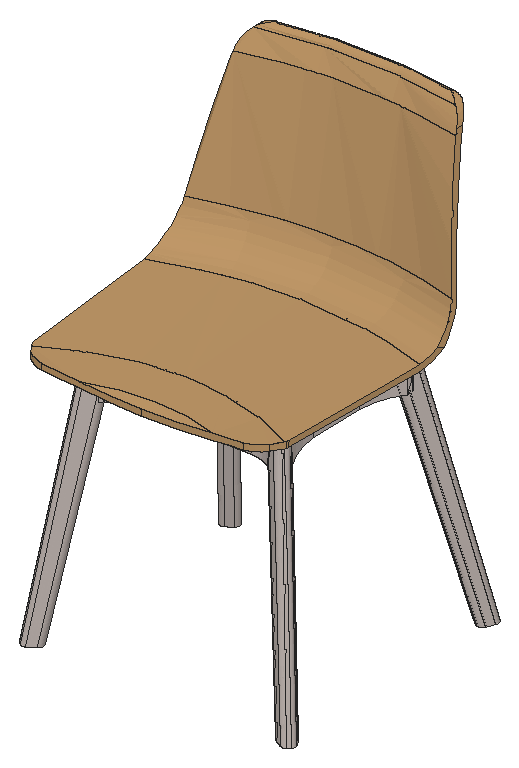
Revit family "FU_Chair_Sandler_Varya Poly 1-1PP", category Furniture, Revit 2020
Family settings
  OmniClass Number = 23.40.20.00
  OmniClass Title = General Furniture and Specialties
  Work Plane-Based = No
  Always vertical = Yes
  Cut with Voids When Loaded = No
  Shared = No
  Room Calculation Point = No
Parameters (values of type "Varya Poly 1.1PP")
  Width = 480 mm
  URL = "https://www.sandlerseating.com/product/varya-poly-1-1pp/"
  Shell Material [instance] = Polypropylene - M2_M38
  Model = "Varya Poly 1.1PP"
  Manufacturer = "Sandler"
  Height = 810 mm
  Frame = Polypropylene - M2_M82
  Description = "Four-leg side chair with polypropylene seat and back, on a polypropylene base. Greenguard Certified."
  Depth = 500 mm
  Default Elevation = 0 mm
Reference planes
  plane 1 "Center (Front/Back)": y = 0
  plane 2: z = 0
  plane 3 "Center (Left/Right)": x = 0
  plane 4 "Right": x = -240
  plane 5 "Left": x = 240
  plane 6 "Back": y = 250
  plane 7 "Front": y = -250
  plane 8 "Height": z = 810
  plane 9 "Seat height": z = 450
  plane 10 "BL Angle RIGHT": through (4267.2, 213.3, 0.763) normal (0, -0.9738, -0.2275)
  plane 11 "BRL Angle FRONT": through (-223.5, -1524, 0) normal (-0.9856, 0, 0.169)
  plane 12 "FL Angle RIGHT": through (4267.2, -218.868, 1.216) normal (0, -0.9889, 0.1488)
Forms (mm)
  SweptBlend 1, solid, material "Polypropylene - M2_M38" <- "Shell Material"
    path origin (5.589, -212.418, 415) x (1, 0, 0) y (0, 1, 0)
      loop
        arc (-317.221, 139.285) -> (-9.402, 229.926) -> (301.107, 148.975) r 600
    profile "Profile Lateral : Profile Lateral" origin (-311.631, -73.133, 415) x (-0.528701, 0.848808, 0) y (0, 0, 1)
      loop
        arc (220.072, 373.875) -> (220.776, 379.083) -> (216.324, 381.876) r 4.851
        arc (216.324, 381.876) -> (209.979, 378.228) -> (205.376, 372.537) r 19.958
        arc (205.376, 372.537) -> (196.162, 356.573) -> (188.635, 339.748) r 179.403
        arc (188.635, 339.748) -> (162.543, 233.058) -> (144.335, 124.743) r 1498.854
        arc (144.335, 124.743) -> (120.197, 79.841) -> (74.028, 58.225) r 81.068
        line (74.028, 58.225) -> (-180.577, 50.222)
        arc (-180.577, 50.222) -> (-217.915, 49.974) -> (-255.089, 46.48) r 428.848
        arc (-255.089, 46.48) -> (-277.323, 40.838) -> (-297.701, 30.309) r 100.67
        arc (-297.701, 30.309) -> (-299.067, 23.371) -> (-292.129, 22.005) r 5
        arc (-292.129, 22.005) -> (-273.768, 31.491) -> (-253.736, 36.572) r 90.67
        arc (-253.736, 36.572) -> (-217.251, 39.995) -> (-180.606, 40.216) r 418.848
        line (-180.606, 40.216) -> (74.763, 48.243)
        arc (74.763, 48.243) -> (126.989, 72.501) -> (154.223, 123.238) r 91.068
        arc (154.223, 123.238) -> (172.269, 230.706) -> (198.126, 336.566) r 1488.854
        arc (198.126, 336.566) -> (205.277, 352.434) -> (214.019, 367.485) r 169.403
        arc (214.019, 367.485) -> (216.964, 370.757) -> (220.072, 373.875) r 86.344
    end profile "Profile Lateral : Profile Lateral" origin (306.696, -63.444, 415) x (0.501844, 0.864958, 0) y (0, 0, 1)
      loop
        arc (220.072, 373.875) -> (220.776, 379.083) -> (216.324, 381.876) r 4.851
        arc (216.324, 381.876) -> (209.979, 378.228) -> (205.376, 372.537) r 19.958
        arc (205.376, 372.537) -> (196.162, 356.573) -> (188.635, 339.748) r 179.403
        arc (188.635, 339.748) -> (162.543, 233.058) -> (144.335, 124.743) r 1498.854
        arc (144.335, 124.743) -> (120.197, 79.841) -> (74.028, 58.225) r 81.068
        line (74.028, 58.225) -> (-180.577, 50.222)
        arc (-180.577, 50.222) -> (-217.915, 49.974) -> (-255.089, 46.48) r 428.848
        arc (-255.089, 46.48) -> (-277.323, 40.838) -> (-297.701, 30.309) r 100.67
        arc (-297.701, 30.309) -> (-299.067, 23.371) -> (-292.129, 22.005) r 5
        arc (-292.129, 22.005) -> (-273.768, 31.491) -> (-253.736, 36.572) r 90.67
        arc (-253.736, 36.572) -> (-217.251, 39.995) -> (-180.606, 40.216) r 418.848
        line (-180.606, 40.216) -> (74.763, 48.243)
        arc (74.763, 48.243) -> (126.989, 72.501) -> (154.223, 123.238) r 91.068
        arc (154.223, 123.238) -> (172.269, 230.706) -> (198.126, 336.566) r 1488.854
        arc (198.126, 336.566) -> (205.277, 352.434) -> (214.019, 367.485) r 169.403
        arc (214.019, 367.485) -> (216.964, 370.757) -> (220.072, 373.875) r 86.344
  Extrusion 2, void
    sketch origin (5.589, 0.082, 415) x (1, 0, 0) y (0, 1, 0)
      loop
        line (-247.765, 106.22) -> (-247.765, 266.22) -> (-487.765, 266.22) -> (-487.765, -333.78) -> (-7.5, -333.78) -> (472.765, -333.78) -> (472.765, 266.22) -> (232.765, 266.22) -> (232.765, 106.22) -> (213.357, -213.191)
        arc (213.357, -213.191) -> (196.502, -241.247) -> (166.837, -255.077) r 55.957
        arc (166.837, -255.077) -> (79.688, -257.728) -> (-7.5, -258.12) r 3363.946
        arc (-7.5, -258.12) -> (-94.688, -257.728) -> (-181.837, -255.077) r 3363.946
        arc (-181.837, -255.077) -> (-211.502, -241.247) -> (-228.357, -213.191) r 55.957
        line (-228.357, -213.191) -> (-247.765, 106.22)
    from 0 to 250
  Extrusion 3, void
    sketch origin (5.589, 0.082, 415) x (1, 0, 0) y (0, 0, 1)
      loop
        line (232.252, 65.67) -> (445.023, 65.67) -> (445.023, 415.67) -> (145.999, 415.67) -> (145.999, 382.34)
        arc (145.999, 382.34) -> (169.969, 371.303) -> (183.516, 348.657) r 44.637
        line (183.516, 348.657) -> (232.252, 65.67)
      loop
        line (-246.936, 65.67) -> (-200.298, 330.165) -> (-196.12, 348.236)
        arc (-196.12, 348.236) -> (-183.265, 370.366) -> (-160.18, 381.415) r 43.434
        line (-160.18, 381.415) -> (-160.18, 415.67) -> (-460.023, 415.67) -> (-460.023, 65.67) -> (-246.936, 65.67)
    from -241.575 to -57.793
  SweptBlend 4, solid, material "Polypropylene - M2_M82" <- "Frame"
    path origin (0, 202.43, 47.291) x (0, 0.227489, -0.973781) y (1, 0, 0)
      loop
        line (63.358, -225.185) -> (-420.072, -145.213)
    profile "pro_varya_poly-leg_bot : pro_varya_poly-leg_bot" origin (-225.185, 216.844, -14.406) x (-0.986592, -0.037128, 0.158927) y (0, -0.973781, -0.227489)
      loop
        line (14.17, 0.784) -> (8.355, 15.226)
        arc (8.355, 15.226) -> (3.177, 19.917) -> (-3.712, 18.751) r 8
        line (-3.712, 18.751) -> (-14.797, 10.844)
        arc (-14.797, 10.844) -> (-18.143, 4.685) -> (-15.353, -1.746) r 8
        line (-15.353, -1.746) -> (-3.537, -11.861)
        arc (-3.537, -11.861) -> (1.288, -13.958) -> (6.467, -13.034) r 9.097
        arc (6.467, -13.034) -> (9.416, -11.247) -> (12.067, -9.04) r 23.059
        arc (12.067, -9.04) -> (14.635, -4.453) -> (14.17, 0.784) r 8.908
    end profile "pro_varya_poly-leg_top : pro_varya_poly-leg_top" origin (-145.213, 106.869, 456.349) x (-0.986592, -0.037128, 0.158927) y (0, -0.973781, -0.227489)
      loop
        arc (-14.055, 9.735) -> (-18.294, 2.245) -> (-15.145, -5.764) r 10
        line (-15.145, -5.764) -> (1.727, -21.525)
        arc (1.727, -21.525) -> (8.164, -23.715) -> (14.633, -21.626) r 10.8
        line (14.633, -21.626) -> (16.673, -20.13)
        arc (16.673, -20.13) -> (20.431, -15.187) -> (20.218, -8.98) r 9.255
        line (20.218, -8.98) -> (10.472, 12.464)
        arc (10.472, 12.464) -> (4.003, 17.973) -> (-4.368, 16.518) r 10
        line (-4.368, 16.518) -> (-14.055, 9.735)
  SweptBlend 5, solid, material "Polypropylene - M2_M82" <- "Frame"
    path origin (0, -214.201, 32.233) x (0, -0.148804, -0.988867) y (1, 0, 0)
      loop
        line (43.574, -225.361) -> (-424.443, -144.212)
    profile "pro_varya_poly-leg_bot : pro_varya_poly-leg_bot" origin (-225.361, -220.685, -10.856) x (-0.985299, 0.025422, 0.168937) y (0, -0.988867, 0.148804)
      loop
        line (-2.999, 14.334) -> (-16.284, 6.214)
        arc (-16.284, 6.214) -> (-20.055, 0.333) -> (-17.768, -6.268) r 8
        line (-17.768, -6.268) -> (-8.141, -15.896)
        arc (-8.141, -15.896) -> (-1.513, -18.18) -> (4.369, -14.367) r 8
        line (4.369, -14.367) -> (12.394, -1.043)
        arc (12.394, -1.043) -> (13.667, 4.061) -> (11.901, 9.017) r 9.097
        arc (11.901, 9.017) -> (9.651, 11.631) -> (7.037, 13.881) r 23.059
        arc (7.037, 13.881) -> (2.089, 15.657) -> (-2.999, 14.334) r 8.908
    end profile "pro_varya_poly-leg_top : pro_varya_poly-leg_top" origin (-144.212, -151.042, 451.951) x (-0.985299, 0.025422, 0.168937) y (0, -0.988867, 0.148804)
      loop
        arc (1.704, -16.682) -> (9.816, -19.557) -> (17.157, -15.065) r 10
        line (17.157, -15.065) -> (29.749, 4.288)
        arc (29.749, 4.288) -> (30.788, 11.007) -> (27.607, 17.016) r 10.8
        line (27.607, 17.016) -> (25.78, 18.764)
        arc (25.78, 18.764) -> (20.259, 21.607) -> (14.184, 20.319) r 9.255
        line (14.184, 20.319) -> (-5.242, 6.998)
        arc (-5.242, 6.998) -> (-9.544, -0.329) -> (-6.658, -8.32) r 10
        line (-6.658, -8.32) -> (1.704, -16.682)
  SweptBlend 6, solid, material "Polypropylene - M2_M82" <- "Frame"
    path origin (0, 202.43, 47.291) x (0, 0.227489, -0.973781) y (-1, 0, 0)
      loop
        line (63.358, -225.185) -> (-420.072, -145.213)
    profile "pro_varya_poly-leg_bot : pro_varya_poly-leg_bot" origin (225.185, 216.844, -14.406) x (-0.986592, 0.037128, -0.158927) y (0, -0.973781, -0.227489)
      loop
        arc (-14.325, 0.743) -> (-14.79, -4.494) -> (-12.222, -9.081) r 8.908
        arc (-12.222, -9.081) -> (-9.571, -11.288) -> (-6.621, -13.075) r 23.059
        arc (-6.621, -13.075) -> (-1.442, -13.999) -> (3.382, -11.902) r 9.097
        line (3.382, -11.902) -> (15.198, -1.787)
        arc (15.198, -1.787) -> (17.988, 4.644) -> (14.642, 10.803) r 8
        line (14.642, 10.803) -> (3.557, 18.71)
        arc (3.557, 18.71) -> (-3.331, 19.876) -> (-8.509, 15.185) r 8
        line (-8.509, 15.185) -> (-14.325, 0.743)
    end profile "pro_varya_poly-leg_top : pro_varya_poly-leg_top" origin (145.213, 106.869, 456.349) x (-0.986592, 0.037128, -0.158927) y (0, -0.973781, -0.227489)
      loop
        line (13.435, 9.726) -> (3.748, 16.508)
        arc (3.748, 16.508) -> (-4.623, 17.963) -> (-11.091, 12.454) r 10
        line (-11.091, 12.454) -> (-20.837, -8.989)
        arc (-20.837, -8.989) -> (-21.05, -15.196) -> (-17.292, -20.14) r 9.255
        line (-17.292, -20.14) -> (-15.253, -21.635)
        arc (-15.253, -21.635) -> (-8.783, -23.725) -> (-2.346, -21.534) r 10.8
        line (-2.346, -21.534) -> (14.526, -5.774)
        arc (14.526, -5.774) -> (17.675, 2.236) -> (13.435, 9.726) r 10
  SweptBlend 7, solid, material "Polypropylene - M2_M82" <- "Frame"
    path origin (0, -214.201, 32.233) x (0, -0.148804, -0.988867) y (-1, 0, 0)
      loop
        line (43.574, -225.361) -> (-424.443, -144.212)
    profile "pro_varya_poly-leg_bot : pro_varya_poly-leg_bot" origin (225.361, -220.685, -10.856) x (-0.985299, -0.025422, -0.168937) y (0, -0.988867, 0.148804)
      loop
        line (-11.901, -1.632) -> (-3.781, -14.917)
        arc (-3.781, -14.917) -> (2.1, -18.689) -> (8.702, -16.402) r 8
        line (8.702, -16.402) -> (18.329, -6.774)
        arc (18.329, -6.774) -> (20.613, -0.147) -> (16.8, 5.735) r 8
        line (16.8, 5.735) -> (3.477, 13.761)
        arc (3.477, 13.761) -> (-1.628, 15.033) -> (-6.583, 13.267) r 9.097
        arc (-6.583, 13.267) -> (-9.198, 11.018) -> (-11.447, 8.403) r 23.059
        arc (-11.447, 8.403) -> (-13.224, 3.455) -> (-11.901, -1.632) r 8.908
    end profile "pro_varya_poly-leg_top : pro_varya_poly-leg_top" origin (144.212, -151.042, 451.951) x (-0.985299, -0.025422, -0.168937) y (0, -0.988867, 0.148804)
      loop
        arc (7.597, -7.583) -> (10.472, 0.529) -> (5.98, 7.87) r 10
        line (5.98, 7.87) -> (-13.373, 20.462)
        arc (-13.373, 20.462) -> (-20.092, 21.501) -> (-26.1, 18.32) r 10.8
        line (-26.1, 18.32) -> (-27.849, 16.493)
        arc (-27.849, 16.493) -> (-30.692, 10.972) -> (-29.404, 4.896) r 9.255
        line (-29.404, 4.896) -> (-16.083, -14.529)
        arc (-16.083, -14.529) -> (-8.756, -18.831) -> (-0.765, -15.945) r 10
        line (-0.765, -15.945) -> (7.597, -7.583)
  Extrusion 8, solid, material "Polypropylene - M2_M82" <- "Frame"
    sketch origin (0, 0, 450) x (-1, 0, 0) y (0, -1, 0)
      loop
        arc (56.836, -92.404) -> (101.779, -102.615) -> (140.945, -126.908) r 139.566
        arc (140.945, -126.908) -> (161.261, -127.982) -> (167.022, -108.471) r 16.417
        arc (167.022, -108.471) -> (149.646, -73.745) -> (141.558, -35.765) r 153.205
        arc (141.558, -35.765) -> (139.489, 14.235) -> (141.558, 64.235) r 604.976
        arc (141.558, 64.235) -> (149.951, 105.194) -> (167.791, 143.006) r 175.554
        arc (167.791, 143.006) -> (166.389, 162.616) -> (147.276, 167.219) r 16.65
        arc (147.276, 167.219) -> (126.494, 155.696) -> (103.065, 151.731) r 70.511
        arc (103.065, 151.731) -> (-0.117, 148.57) -> (-103.299, 151.731) r 1685.579
        arc (-103.299, 151.731) -> (-126.605, 155.735) -> (-147.276, 167.219) r 70.511
        arc (-147.276, 167.219) -> (-166.389, 162.616) -> (-167.791, 143.006) r 16.65
        arc (-167.791, 143.006) -> (-149.951, 105.194) -> (-141.558, 64.235) r 175.554
        arc (-141.558, 64.235) -> (-139.489, 14.235) -> (-141.558, -35.765) r 604.976
        arc (-141.558, -35.765) -> (-149.646, -73.745) -> (-167.022, -108.471) r 153.205
        arc (-167.022, -108.471) -> (-161.261, -127.982) -> (-140.945, -126.908) r 16.417
        arc (-140.945, -126.908) -> (-101.779, -102.615) -> (-56.836, -92.404) r 139.566
        arc (-56.836, -92.404) -> (0, -90.768) -> (56.836, -92.404) r 988.247
    from 0 to -72.501
  Extrusion 9, void
    sketch origin (0, 0, 0) x (1, 0, 0) y (0, 1, 0)
      loop
        line (-253.092, 242.651) -> (-253.092, 185.092) -> (-190.536, 185.092) -> (-190.536, 242.651) -> (-253.092, 242.651)
    from 0 to -38.33
  Extrusion 10, void
    sketch origin (0, 0, 0) x (-1, 0, 0) y (0, -1, 0)
      loop
        line (-253.092, -242.651) -> (-190.536, -242.651) -> (-190.536, -185.092) -> (-253.092, -185.092) -> (-253.092, -242.651)
    from 0 to -38.33
  Extrusion 11, void
    sketch origin (0, 0, 0) x (1, 0, 0) y (0, 1, 0)
      loop
        line (-253.092, -242.651) -> (-190.536, -242.651) -> (-190.536, -185.092) -> (-253.092, -185.092) -> (-253.092, -242.651)
    from 0 to -38.33
  Extrusion 12, void
    sketch origin (0, 0, 0) x (-1, 0, 0) y (0, -1, 0)
      loop
        line (-253.092, 242.651) -> (-253.092, 185.092) -> (-190.536, 185.092) -> (-190.536, 242.651) -> (-253.092, 242.651)
    from 0 to -38.33
Cuts and joins
  Extrusion 2, Extrusion 3 cuts SweptBlend 1
  Extrusion 10 cuts SweptBlend 6
  Extrusion 9 cuts SweptBlend 4
  Extrusion 12 cuts SweptBlend 7
  Extrusion 11 cuts SweptBlend 5
Dimensions and locks
  equal spacing: plane 4 "Right", plane 3 "Center (Left/Right)", plane 5 "Left"
  "Width": plane 4 "Right" to plane 5 "Left"
  equal spacing: plane 6 "Back", plane 1 "Center (Front/Back)", plane 7 "Front"
  "Depth": plane 6 "Back" to plane 7 "Front"
  "Height": plane 8 "Height" to level
  plane 9 "Seat height" to level = 450 mm
  aligned and locked: level to plane 2
Automatic sketch dimensions
  plane 3 "Center (Left/Right)" to SweptBlend 1 sketch curve = 5.589 mm
  SweptBlend 1 sketch curve to plane 7 "Front" = 332.418 mm
  plane 4 "Right" to SweptBlend 1 sketch curve = 71.631 mm
  SweptBlend 1 sketch curve to plane 5 "Left" = 66.696 mm
  plane 1 "Center (Front/Back)" to SweptBlend 1 sketch curve = 73.133 mm
  Extrusion 2 sketch curve to plane 7 "Front" = 83.698 mm
  plane 4 "Right" to Extrusion 2 sketch curve = 242.175 mm
  plane 4 "Right" to Extrusion 2 sketch curve = 2.175 mm
  Extrusion 2 sketch curve to plane 4 "Right" = 17.233 mm
  Extrusion 2 sketch curve to Extrusion 2 sketch curve = 54.298 mm
  Extrusion 2 sketch curve to plane 3 "Center (Left/Right)" = 30.39 mm
  Extrusion 2 sketch curve to plane 3 "Center (Left/Right)" = 1.911 mm  (x2)
  plane 3 "Center (Left/Right)" to Extrusion 2 sketch curve = 26.569 mm
  plane 5 "Left" to Extrusion 2 sketch curve = 75.351 mm
  plane 5 "Left" to Extrusion 2 sketch curve = 21.054 mm
  plane 5 "Left" to Extrusion 2 sketch curve = 1.646 mm
  Extrusion 2 sketch curve to plane 5 "Left" = 238.354 mm
  plane 7 "Front" to Extrusion 2 sketch curve = 36.891 mm  (x2)
  plane 7 "Front" to Extrusion 2 sketch curve = 50.419 mm
  Extrusion 2 sketch curve to Extrusion 2 sketch curve = 13.528 mm
  Extrusion 2 sketch curve to plane 1 "Center (Front/Back)" = 106.302 mm  (x2)
  plane 6 "Back" to Extrusion 2 sketch curve = 16.302 mm  (x2)
  Extrusion 2 sketch curve to Extrusion 2 sketch curve = 2839.485 mm
  Extrusion 2 sketch curve to Extrusion 2 sketch curve = 0 mm
  Extrusion 2 sketch curve to plane 7 "Front" = 4.996 mm
  plane 8 "Height" to Extrusion 3 sketch curve = 20.67 mm  (x2)
  plane 4 "Right" to Extrusion 3 sketch curve = 214.434 mm
  plane 4 "Right" to Extrusion 3 sketch curve = 1.347 mm
  Extrusion 3 sketch curve to plane 4 "Right" = 45.291 mm
  Extrusion 3 sketch curve to Extrusion 3 sketch curve = 4.178 mm
  Extrusion 3 sketch curve to Extrusion 3 sketch curve = 35.941 mm
  Extrusion 3 sketch curve to Extrusion 3 sketch curve = 42.318 mm
  plane 5 "Left" to Extrusion 3 sketch curve = 94.262 mm
  Extrusion 3 sketch curve to Extrusion 3 sketch curve = 5.851 mm
  Extrusion 3 sketch curve to Extrusion 3 sketch curve = 43.368 mm
  plane 5 "Left" to Extrusion 3 sketch curve = 2.158 mm
  plane 9 "Seat height" to Extrusion 3 sketch curve = 30.67 mm  (x2)
  Extrusion 3 sketch curve to plane 5 "Left" = 210.612 mm
  Extrusion 3 sketch curve to plane 8 "Height" = 64.835 mm
  Extrusion 3 sketch curve to plane 8 "Height" = 56.911 mm
  Extrusion 3 sketch curve to Extrusion 3 sketch curve = 8.287 mm
  Extrusion 3 sketch curve to Extrusion 3 sketch curve = 18.071 mm
  Extrusion 3 sketch curve to Extrusion 3 sketch curve = 10.568 mm
  SweptBlend 4 sketch curve to plane 4 "Right" = 94.787 mm
  SweptBlend 4 sketch curve to plane 4 "Right" = 14.815 mm
  SweptBlend 4 sketch curve to SweptBlend 4 sketch curve = 483.43 mm
  SweptBlend 5 sketch curve to plane 4 "Right" = 95.788 mm
  SweptBlend 5 sketch curve to plane 4 "Right" = 14.639 mm
  SweptBlend 5 sketch curve to SweptBlend 5 sketch curve = 468.017 mm
  SweptBlend 6 sketch curve to plane 5 "Left" = 94.787 mm
  SweptBlend 6 sketch curve to plane 5 "Left" = 14.815 mm
  SweptBlend 6 sketch curve to SweptBlend 6 sketch curve = 483.43 mm
  SweptBlend 7 sketch curve to plane 5 "Left" = 95.788 mm
  SweptBlend 7 sketch curve to plane 5 "Left" = 14.639 mm
  SweptBlend 7 sketch curve to SweptBlend 7 sketch curve = 468.017 mm
  Extrusion 8 sketch curve to plane 3 "Center (Left/Right)" = 0 mm
  plane 3 "Center (Left/Right)" to Extrusion 8 sketch curve = 0.117 mm
  Extrusion 8 sketch curve to plane 6 "Back" = 18.261 mm  (x2)
  plane 3 "Center (Left/Right)" to Extrusion 8 sketch curve = 48.809 mm
  plane 7 "Front" to Extrusion 8 sketch curve = 27.758 mm  (x2)
  plane 3 "Center (Left/Right)" to Extrusion 8 sketch curve = 103.182 mm
  plane 5 "Left" to Extrusion 8 sketch curve = 88.217 mm
  plane 5 "Left" to Extrusion 8 sketch curve = 86.314 mm
  Extrusion 8 sketch curve to plane 1 "Center (Front/Back)" = 23.103 mm  (x2)
  Extrusion 8 sketch curve to plane 5 "Left" = 54.239 mm
  Extrusion 8 sketch curve to Extrusion 8 sketch curve = 22.273 mm  (x2)
  plane 1 "Center (Front/Back)" to Extrusion 8 sketch curve = 14.235 mm  (x2)
  Extrusion 8 sketch curve to Extrusion 8 sketch curve = 427.952 mm  (x2)
  Extrusion 8 sketch curve to plane 3 "Center (Left/Right)" = 48.809 mm
  Extrusion 8 sketch curve to plane 3 "Center (Left/Right)" = 103.182 mm
  Extrusion 8 sketch curve to plane 4 "Right" = 88.217 mm
  Extrusion 8 sketch curve to plane 4 "Right" = 86.314 mm
  plane 4 "Right" to Extrusion 8 sketch curve = 54.239 mm
  plane 6 "Back" to Extrusion 8 sketch curve = 829.016 mm
  Extrusion 8 sketch curve to plane 1 "Center (Front/Back)" = 114.577 mm  (x2)
  plane 1 "Center (Front/Back)" to Extrusion 8 sketch curve = 49.726 mm  (x2)
  Extrusion 8 sketch curve to Extrusion 8 sketch curve = 70.389 mm  (x2)
  Extrusion 8 sketch curve to plane 7 "Front" = 1584.149 mm
  plane 3 "Center (Left/Right)" to Extrusion 8 sketch curve = 56.836 mm
  Extrusion 8 sketch curve to Extrusion 8 sketch curve = 0 mm  (x8)
  Extrusion 8 sketch curve to Extrusion 8 sketch curve = 50.387 mm
  Extrusion 8 sketch curve to plane 1 "Center (Front/Back)" = 35.765 mm  (x2)
  plane 1 "Center (Front/Back)" to Extrusion 8 sketch curve = 64.235 mm
  Extrusion 8 sketch curve to Extrusion 8 sketch curve = 6.41 mm  (x2)
  Extrusion 8 sketch curve to Extrusion 8 sketch curve = 50.621 mm
  plane 4 "Right" to Extrusion 9 sketch curve = 13.092 mm
  Extrusion 9 sketch curve to plane 4 "Right" = 49.464 mm
  Extrusion 9 sketch curve to plane 6 "Back" = 64.908 mm
  Extrusion 9 sketch curve to plane 6 "Back" = 7.349 mm
  plane 5 "Left" to Extrusion 10 sketch curve = 13.092 mm
  Extrusion 10 sketch curve to plane 5 "Left" = 49.464 mm
  plane 6 "Back" to Extrusion 10 sketch curve = 64.908 mm
  plane 6 "Back" to Extrusion 10 sketch curve = 7.349 mm
  Extrusion 11 sketch curve to plane 4 "Right" = 13.092 mm
  plane 4 "Right" to Extrusion 11 sketch curve = 49.464 mm
  Extrusion 11 sketch curve to plane 7 "Front" = 64.908 mm
  Extrusion 11 sketch curve to plane 7 "Front" = 7.349 mm
  Extrusion 12 sketch curve to plane 5 "Left" = 13.092 mm
  plane 5 "Left" to Extrusion 12 sketch curve = 49.464 mm
  plane 7 "Front" to Extrusion 12 sketch curve = 64.908 mm
  plane 7 "Front" to Extrusion 12 sketch curve = 7.349 mm
